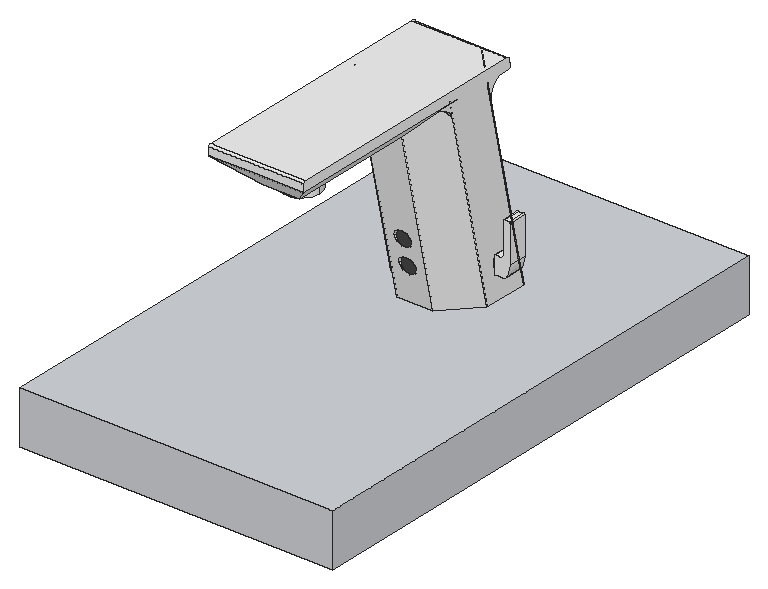
Revit family
Parameters (values of type "Chrome-Polished_Chrome-CP")
  Width = 0' - 2 15/16"
  WFU = 0
  URL = "http://www.us.kohler.com"
  Sensor Material = Sensor Glass
  Product Page URL = "http://www.us.kohler.com/onlinecatalog/detail.jsp?prod_num=7517"
  Product Documentation Link = "http://www.us.kohler.com/onlinecatalog/pdf/1126264_4.pdf"
  Model = "K-7517"  # constant formula
  Manufacturer = "Kohler"  # constant formula
  Length = 0' - 7 3/4"
  Installation = "Single-hole"  # constant formula
  Hot Water Radius = 3/16"
  Hot Water Diameter = 3/8"
  Hot Water Connector = "Hot Water Connector"  # constant formula
  Height = 0' - 5 7/16"
  HWFU = 0
  HW Connection = yes
  Finish = Chrome-Kohler-CP-Polished Chrome
  Description = "GEOMETRIC TOUCHLESS™ DM FAUCET W/MIXER"  # constant formula
  Default Elevation = 0' - 0"
  Created By = "http://medialab3dstudio.com/"
  Cold Water Radius = 3/16"
  Cold Water Diameter = 3/8"
  Cold Water Connector = "Cold Water Connector"  # constant formula
  CWFU = 0
  CW Connection = yes
  Assembly Code = "D2010"
Types (3): name | Finish
  (no name) | Chrome-Kohler-CP-Polished Chrome
  Chrome-Polished_Chrome-CP | Chrome-Kohler-CP-Polished Chrome
  Steel-Vibrant_Stainless-VS | Steel-Kohler-VS-Vibrant Stainless
Reference planes (in)
  plane 1 "Back": y = 0
  plane 2 "Bottom": z = 0
  plane 3 "Center (Left/Right)": x = 0
  plane 4 "Left": x = -1.21875
  plane 5 "Right": x = 1.21875
  plane 6 "Front": y = -7.75
  plane 7: z = 5.4375
  plane 8: y = -6.31997
  plane 9: x = 0
  plane 10: z = 4.43543
  plane 11: z = 5.18966
  plane 12: z = 4.43543
  plane 13: y = -2.86736
  plane 14: z = 5.18966
  plane 15: z = 4.63505
  plane 16: z = 5.15297
  plane 17: through (0, -1.20984, 5.39736) normal (0, -0.9757, -0.2193)
  plane 18: through (0, -1.94709, 5.39736) normal (0, -0.9757, -0.2193)
  plane 19: through (0, -3.1313, 5.39736) normal (0, -0.9757, -0.2193)
  plane 20: y = 0.14795
  plane 21: y = -2.69186
  plane 22: z = -0.75
  plane 23: through (0, -1.23293, 2.22557) normal (0, 0.9758, 0.2187)
  plane 24: y = -0.54791
  plane 25: y = -1.23293
  plane 26: through (0, -1.23293, 2.22557) normal (0, -0.9758, -0.2187)
  plane 27: y = -0.54791
  plane 28: y = -1.23293
  plane 29: y = -1.28314
  plane 30: y = -2.01863
  plane 31: y = -1.9184
  plane 32 "Center (Front/Back)": y = -3.85872
  plane 33: y = -3.62007
  plane 34: y = -2.95134
  plane 35: y = -1.77288
  plane 36: y = -1.33828
  plane 37: through (-1.22, -0.7342, 48) normal (-0.7239, 0.6899, 0)
  plane 38: through (1.22, -0.7342, 48) normal (-0.7239, -0.6899, 0)
  plane 39: through (-0.46452, -180, 4.43543) normal (-0.7071, 0, -0.7071)
  plane 40: through (0.46452, -180, 4.43543) normal (-0.7071, 0, 0.7071)
  plane 41: y = -1.3263
  plane 42: x = -0.13974
  plane 43: x = 0.13974
  plane 44: z = 4.43543
  plane 45: x = -0.46452
  plane 46: z = 5.18966
  plane 47: z = 2.0644
  plane 48: z = 4.27922
  plane 49: y = -5.8542
  plane 50: y = -6.78573
  plane 51: y = -0.57692
  plane 52: y = -0.57692
  plane 53: z = -0.78778
  plane 54: y = 0.22617
  plane 55: x = 0.32724
  plane 56: x = -0.32724
  plane 57: z = 0.23047
  plane 58: z = 5.21593
  plane 59: y = -1.16906
  plane 60: x = 0.46576
  plane 61: x = -0.46576
  plane 62: y = -6.94185
  plane 63: y = -6.32467
  plane 64: x = 1.71875
Forms (in)
  Extrusion 1, solid
    sketch origin (0, 0, 0) x (1, 0, 0) y (0, 1, 0)
      loop
        line (-4, 3) -> (-4, -10.31976) -> (3.99389, -10.31976) -> (3.99389, 3) -> (-4, 3)
    from 0 to -1.35077
  Extrusion 2, solid, material "Chrome-Kohler-CP-Polished Chrome" <- "Finish", detail levels fine
    sketch origin (0, 0, 0) x (0, 1, 0) y (0, 0, 1)
      loop
        line (-0.7342, 0) -> (-1.77288, 4.63505)
        arc (-1.77288, 4.63505) -> (-1.68365, 5.00148) -> (-1.33828, 5.15297) r 0.42536
        line (-1.33828, 5.15297) -> (-1.22005, 5.15297)
        arc (-1.22005, 5.15297) -> (-1.17954, 5.17229) -> (-1.16906, 5.21593) r 0.05212
        line (-1.16906, 5.21593) -> (-1.20984, 5.39736)
        arc (-1.20984, 5.39736) -> (-1.22785, 5.42621) -> (-1.25993, 5.4375) r 0.05141
        line (-1.25993, 5.4375) -> (-7.69863, 5.4375)
        arc (-7.69863, 5.4375) -> (-7.73495, 5.42245) -> (-7.75, 5.38613) r 0.05137
        line (-7.75, 5.38613) -> (-7.75, 5.18966) -> (-3.62007, 5.18966)
        arc (-3.62007, 5.18966) -> (-3.18567, 5.03297) -> (-2.95134, 4.63505) r 0.68046
        line (-2.95134, 4.63505) -> (-1.9184, 0) -> (-0.7342, 0)
    from -1.21875 to 1.21875
  Extrusion 3, solid, material "Chrome-Kohler-CP-Polished Chrome" <- "Finish", detail levels fine
    sketch origin (0, 0, 0.25897) x (1, 0, 0) y (0, 0, 1)
      loop
        line (-1.21875, 4.93069) -> (-0.46452, 4.17646) -> (0, 4.17646) -> (0.46452, 4.17646) -> (1.21875, 4.93069) -> (0, 4.93069) -> (-1.21875, 4.93069)
    from 2.86736 to 7.75
  Extrusion 4, void
    sketch origin (0, 0.74619, 0) x (0, 1, 0) y (0, 0, 1)
      loop
        line (-8.49619, 5.18966) -> (-8.49619, 4.43543) -> (-7.68804, 4.43543) -> (-8.49619, 5.18966)
    from -1.21875 to 1.21875
  Extrusion 5, solid, material "Chrome-Kohler-CP-Polished Chrome" <- "Finish", detail levels fine
    sketch origin (0, -6.09131, -3.8885) x (1, 0, 0) y (0, 0.975149, 0.221549)
      loop
        line (-1.21875, 4.93069) -> (-0.46576, 4.17646) -> (0.46576, 4.17646) -> (1.21875, 4.93069) -> (-1.21875, 4.93069)
    from 2.86736 to 8.30557
  Sweep 6, solid, material "Chrome-Kohler-CP-Polished Chrome" <- "Finish", detail levels fine
    path origin (0, 0, 0) x (0, 1, 0) y (0, 0, 1)
      loop
        line (-0.57692, -0.70182) -> (-1.89716, 5.18966)
    profile origin (0, -1.23704, 2.24392) x (0, -0.975799, -0.218669) y (1, 0, 0)
      loop
        line (0, -1.22) -> (0, 0) -> (-0.70201, 0) -> (-0.70201, -0.53442) -> (0, -1.22)
  Extrusion 7, void
    sketch origin (0, 0, 0) x (0, 1, 0) y (0, 0, 1)
      loop
        line (0.14795, 0) -> (-2.69186, 0) -> (-2.69186, -0.75) -> (0.14795, -0.75) -> (0.14795, 0)
    from -1.21875 to 1.21875
  Extrusion 8, solid, material "Chrome-Kohler-CP-Polished Chrome" <- "Finish", detail levels fine
    sketch origin (0, 0.44273, 0) x (1, 0, 0) y (0, 1, 0)
      loop
        arc (0, -6.29694) -> (-0.32935, -6.43336) -> (-0.46576, -6.7627) r 0.46576
        arc (-0.46576, -6.7627) -> (-0.32935, -7.09205) -> (0, -7.22847) r 0.46576
        arc (0, -7.22847) -> (0.32935, -7.09205) -> (0.46576, -6.7627) r 0.46576
        arc (0.46576, -6.7627) -> (0.32935, -6.43336) -> (0, -6.29694) r 0.46576
    from 4.27922 to 4.43543
  Extrusion 9, void
    sketch origin (0, 0.61402, 0) x (1, 0, 0) y (0, 1, 0)
      loop
        arc (0, -6.57489) -> (-0.25725, -6.68144) -> (-0.3638, -6.93869) r 0.3638
        arc (-0.3638, -6.93869) -> (-0.25725, -7.19594) -> (0, -7.30249) r 0.3638
        arc (0, -7.30249) -> (0.25725, -7.19594) -> (0.3638, -6.93869) r 0.3638
        arc (0.3638, -6.93869) -> (0.25725, -6.68144) -> (0, -6.57489) r 0.3638
    from 4.27922 to 4.43543
  Sweep 10, solid, material "Chrome-Kohler-CP-Polished Chrome" <- "Finish", detail levels fine
    path origin (0, 0, 0) x (0, 1, 0) y (0, 0, -1)
      loop
        line (-0.57692, 0.70182) -> (-1.89716, -5.18966)
    profile origin (0, -1.23704, 2.24392) x (0, 0.975799, 0.218669) y (-1, 0, 0)
      loop
        line (0, -1.22) -> (0.70201, -0.53442) -> (0.70201, 0) -> (0, 0) -> (0, -1.22)
  Extrusion 11, void
    sketch origin (0, 0, 0) x (0, 1, 0) y (0, 0, 1)
      loop
        line (0.22617, 0) -> (-1.9184, 0) -> (-1.9184, -0.78778) -> (0.22617, -0.78778) -> (0.22617, 0)
    from -1.21875 to 1.21875
  Extrusion 12, void
    sketch origin (0, 0, 0) x (1, 0, 0) y (0, 1, 0)
      loop
        arc (0.13974, -1.3263) -> (0.19466, -1.45888) -> (0.32724, -1.5138) r 0.1875
        arc (0.32724, -1.5138) -> (0.45982, -1.45888) -> (0.51474, -1.3263) r 0.1875
        arc (0.51474, -1.3263) -> (0.45982, -1.19372) -> (0.32724, -1.1388) r 0.1875
        arc (0.32724, -1.1388) -> (0.19466, -1.19372) -> (0.13974, -1.3263) r 0.1875
      loop
        arc (-0.51474, -1.3263) -> (-0.45982, -1.45888) -> (-0.32724, -1.5138) r 0.1875
        arc (-0.32724, -1.5138) -> (-0.19466, -1.45888) -> (-0.13974, -1.3263) r 0.1875
        arc (-0.13974, -1.3263) -> (-0.19466, -1.19372) -> (-0.32724, -1.1388) r 0.1875
        arc (-0.32724, -1.1388) -> (-0.45982, -1.19372) -> (-0.51474, -1.3263) r 0.1875
    from 0 to 0.23047
  Extrusion 13, void
    sketch origin (2.35546, 0, -0.08746) x (1, 0, 0) y (0, 0, 1)
      loop
        circle (-2.35546, 1.05621) r 0.21875
    from 2.6121 to 3.18249
  Extrusion 14, void
    sketch origin (2.35546, 0, 0.60004) x (1, 0, 0) y (0, 0, 1)
      loop
        circle (-2.35546, 1.05621) r 0.21875
    from 2.76792 to 3.27513
  Extrusion 15, solid, material "Sensor Glass" <- "Sensor Material", detail levels fine
    sketch origin (2.35546, 0, -0.52093) x (1, 0, 0) y (0, 0, 1)
      loop
        circle (-2.35546, 1.48968) r 0.21875
    from 2.6121 to 2.86197
  Extrusion 16, solid, material "Sensor Glass" <- "Sensor Material", detail levels fine
    sketch origin (2.35546, 0, 0.16657) x (1, 0, 0) y (0, 0, 1)
      loop
        circle (-2.35546, 1.48968) r 0.21875
    from 2.76792 to 3.0178
  Extrusion 17, solid, material "Chrome-Kohler-CP-Polished Chrome" <- "Finish", detail levels coarse+medium
    sketch origin (0, 0, 0) x (1, 0, 0) y (0, 1, 0)
      loop
        line (-1.21875, 0) -> (-1.21875, -7.75) -> (1.71875, -7.75) -> (1.71875, 0) -> (-1.21875, 0)
    from 0 to 5.4375
Cuts and joins
  Extrusion 4 cuts Extrusion 3
  Extrusion 9 cuts Extrusion 8
  Extrusion 7, Extrusion 12 cuts Extrusion 2
  Extrusion 11 cuts Sweep 6
  Extrusion 11 cuts Sweep 10
  joined: Sweep 6, Sweep 10
  Extrusion 7, Extrusion 13, Extrusion 14 cuts Extrusion 5
Lines and regions (in)
  Masking region 1, detail levels coarse
    outline origin (0, 0, 0) x (1, 0, 0) y (0, 0, 1)
      loop
        line (-1.21875, 5.4375) -> (-1.21875, 0) -> (1.21875, 0) -> (1.21875, 5.4375) -> (-1.21875, 5.4375)
  Masking region 2, detail levels medium+fine
    outline origin (0, -3.85872, 0) x (1, 0, 0) y (0, 0, 1)
      loop
        line (-1.21875, 5.4375) -> (-1.21875, 0) -> (1.21875, 0) -> (1.21875, 5.4375) -> (-1.21875, 5.4375)
  Masking region 3, detail levels coarse
    outline origin (0, 0, 0) x (1, 0, 0) y (0, 1, 0)
      loop
        line (-1.21875, 0) -> (-1.21875, -7.75) -> (1.21875, -7.75) -> (1.21875, 0) -> (-1.21875, 0)
  Masking region 4, detail levels medium+fine
    outline origin (0, 0, 0) x (1, 0, 0) y (0, 1, 0)
      loop
        line (-0.52034, 0) -> (-1.21875, -0.73289) -> (-1.21875, -7.75) -> (1.21875, -7.75) -> (1.21875, -0.73289) -> (0.52034, 0) -> (-0.52034, 0)
  Masking region 5, detail levels coarse
    outline origin (0, 0, 0) x (0, 1, 0) y (0, 0, 1)
      loop
        line (0, 5.4375) -> (-7.75, 5.4375) -> (-7.75, 0) -> (0, 0) -> (0, 5.4375)
  Masking region 6, detail levels medium+fine
    outline origin (0, 0, 0) x (0, 1, 0) y (0, 0, 1)
      loop
        line (-0.01477, 0) -> (-1.17523, 5.17848)
        arc (-1.17523, 5.17848) -> (-1.16862, 5.19662) -> (-1.16906, 5.21593) r 0.05212
        line (-1.16906, 5.21593) -> (-1.20984, 5.39736)
        arc (-1.20984, 5.39736) -> (-1.22785, 5.42621) -> (-1.25993, 5.4375) r 0.05141
        line (-1.25993, 5.4375) -> (-7.69863, 5.4375)
        arc (-7.69863, 5.4375) -> (-7.73495, 5.42245) -> (-7.75, 5.38613) r 0.05137
        line (-7.75, 5.38613) -> (-7.75, 5.1882) -> (-6.94185, 4.43543) -> (-6.78573, 4.43543) -> (-6.78573, 4.27922) -> (-5.85501, 4.27922) -> (-5.85501, 4.43543) -> (-3.69956, 4.43543) -> (-2.69186, 0) -> (-0.01477, 0)
  symbolic lines, style "Masking Lines", detail levels medium+fine
    curve 1: line (-1.21875, -7.75, 5.18966) -> (-0.46452, -7.75, 4.43543)
    curve 2: line (-0.46452, -7.75, 4.43543) -> (0.46701, -7.75, 4.43543)
    curve 3: line (0.46701, -7.75, 4.43543) -> (1.22, -7.75, 5.18966)
    curve 4: line (1.22, -7.75, 5.18966) -> (-1.21875, -7.75, 5.18966)
    curve 18: line (1.21875, 0, 5.18966) -> (-1.21875, 0, 5.18966)
  symbolic lines, style "Masking Lines", detail levels fine
    curve 5: line (-0.36255, -7.75, 4.43543) -> (-0.36255, -7.75, 4.27922)
    curve 6: line (-0.36255, -7.75, 4.27922) -> (0.36505, -7.75, 4.27922)
    curve 7: line (0.36505, -7.75, 4.27922) -> (0.36505, -7.75, 4.43543)
    curve 8: line (-0.46452, -7.75, 4.43543) -> (-0.46452, -7.75, 0)
    curve 9: line (0.46701, -7.75, 0) -> (0.46701, -7.75, 4.43543)
    curve 10: arc (0, -1.21847, 5.15297) -> (0, -1.19269, 5.1598) -> (0, -1.17366, 5.17848) r 0.05212
    curve 11: line (0, -1.33671, 5.15297) -> (0, -1.21847, 5.15297)
    curve 12: arc (0, -1.7713, 4.63505) -> (0, -1.68208, 5.00148) -> (0, -1.33671, 5.15297) r 0.42536
    curve 13: line (0, -0.73263, 0) -> (0, -1.7713, 4.63505)
    curve 14: line (0, -2.94137, 4.57192) -> (0, -1.91683, 0)
    curve 15: arc (0, -3.61849, 5.18966) -> (0, -3.16021, 5.01202) -> (0, -2.94137, 4.57192) r 0.67998
    curve 16: line (0, -3.61849, 5.18966) -> (0, -7.75, 5.18966)
    curve 17: line (0, -5.8542, 4.43543) -> (0, -6.78573, 4.43543)
    curve 19: line (0.53442, -1.16906, 0) -> (1.21875, -1.16906, 0)
    curve 20: line (-0.53442, -0.01477, 0) -> (-0.53442, -1.16906, 0)
    curve 21: line (0.53442, -1.16906, 0) -> (0.53442, -0.01477, 0)
    curve 22: line (-0.53442, -1.16906, 0) -> (0.53442, -1.16906, 0)
    curve 23: line (-1.21875, -1.16906, 0) -> (-0.53442, -1.16906, 0)
    curve 24: arc (0.21875, -7.75, 1.65625) -> (0, -7.75, 1.875) -> (-0.21875, -7.75, 1.65625) r 0.21875
    curve 25: arc (-0.21875, -7.75, 1.65625) -> (0, -7.75, 1.4375) -> (0.21875, -7.75, 1.65625) r 0.21875
    curve 26: arc (0.21875, -7.75, 0.96875) -> (0, -7.75, 1.1875) -> (-0.21875, -7.75, 0.96875) r 0.21875
    curve 27: arc (-0.21875, -7.75, 0.96875) -> (0, -7.75, 0.75) -> (0.21875, -7.75, 0.96875) r 0.21875
Dimensions and locks (in)
  equal spacing: plane 4 "Left", plane 3 "Center (Left/Right)", plane 5 "Right"
  "Height": plane 7 to plane 2 "Bottom"
  locked: plane 8 to plane 6 "Front" at 1.43003
  locked: plane 1 "Back" to plane 13 at 2.86736
  locked: plane 18 to plane 17 at 0.71931
  locked: plane 19 to plane 18 at 1.15539
  locked: plane 7 to plane 16 at 0.28453
  locked: plane 16 to plane 14 at 0.03669
  locked: plane 15 to plane 16 at 0.51793
  locked: plane 13 to plane 30 at 0.84873
  locked: plane 29 to plane 1 "Back" at 1.28314
  plane 13 to plane 31 = 0' - 0.94896"
  plane 32 "Center (Front/Back)" to plane 13 = 0' - 0.99136"
  locked: plane 33 to plane 32 "Center (Front/Back)" at 0.23866
  locked: plane 34 to plane 33 at 0.66873
  locked: plane 35 to plane 31 at 0.14553
  locked: plane 36 to plane 35 at 0.43459
  "Length": plane 1 "Back" to plane 6 "Front"
  locked: plane 41 to plane 1 "Back" at 1.3263
  plane 42 to plane 3 "Center (Left/Right)" = 0' - 0.13974"
  plane 3 "Center (Left/Right)" to plane 43 = 0' - 0.13974"
  level to Masking region 2 = 0' - 5 7/16"
  locked: plane 47 to plane 2 "Bottom" at 2.0644
  locked: plane 48 to plane 2 "Bottom" at 4.27922
  plane 50 to plane 6 "Front" = 0' - 0.96427"
  locked: plane 49 to plane 6 "Front" at 1.8958
  locked: plane 1 "Back" to plane 51 at 0.57692
  locked: plane 1 "Back" to plane 52 at 0.57692
  locked: plane 54 to plane 1 "Back" at 0.22617
  locked: plane 2 "Bottom" to plane 53 at 0.78778
  plane 4 "Left" to plane 61 to plane 60 = 0' - 0.75299" locked, 0' - 0.93153" locked
  locked: plane 62 to plane 6 "Front" at 0.80815
  equal spacing: plane 5 "Right", plane 3 "Center (Left/Right)", plane 4 "Left"
  "Width": plane 4 "Left" to plane 64
  "Cold Water Radius": radius of Extrusion 12 sketch curve
  "Hot Water Radius": radius of Extrusion 12 sketch curve
  locked: plane 23 to plane 1 "Back" (angle 12.6309°)
  locked: plane 37 to plane 4 "Left" (angle 43.6201°)
  locked: plane 5 "Right" to plane 38 (angle 43.6201°)
  aligned and locked: plane 2 "Bottom" to Extrusion 1
  aligned and locked: level to Extrusion 1
  aligned and locked: Extrusion 2 to plane 4 "Left"
  aligned and locked: Extrusion 2 to plane 5 "Right"
  aligned and locked: Extrusion 7 to plane 4 "Left"
  aligned and locked: Extrusion 7 to plane 5 "Right"
  aligned and locked: Masking region 1 sketch curve to plane 7
  aligned and locked: plane 2 "Bottom" to Masking region 1 sketch curve
  aligned and locked: plane 4 "Left" to Masking region 1 sketch curve
  aligned and locked: plane 1 "Back" to Masking region 3 sketch curve
  aligned and locked: plane 6 "Front" to Masking region 3 sketch curve
  aligned and locked: plane 4 "Left" to Masking region 3 sketch curve
  aligned and locked: Masking region 5 sketch curve to plane 7
  aligned and locked: plane 6 "Front" to Masking region 5 sketch curve
  aligned and locked: plane 2 "Bottom" to Masking region 5 sketch curve
  aligned and locked: plane 1 "Back" to Masking region 5 sketch curve
  aligned and locked: plane 3 "Center (Left/Right)" to plane 9
  aligned and locked: plane 9 to Extrusion 8 sketch curve  (x2)
  aligned and locked: plane 8 to Extrusion 8 sketch curve  (x2)
  aligned and locked: Extrusion 4 sketch curve to plane 10
  aligned and locked: Extrusion 4 to plane 5 "Right"
  aligned and locked: Extrusion 4 to plane 4 "Left"
  aligned and locked: Extrusion 2 sketch curve to plane 7
  aligned and locked: plane 7 to Extrusion 2 sketch curve
  aligned and locked: plane 2 "Bottom" to Extrusion 2 sketch curve
  aligned and locked: Extrusion 2 sketch curve to plane 14
  aligned and locked: plane 14 to Extrusion 2 sketch curve
  aligned and locked: Extrusion 2 sketch curve to plane 16
  aligned and locked: Extrusion 7 sketch curve to level
  aligned and locked: plane 21 to Extrusion 7 sketch curve
  aligned and locked: Extrusion 7 sketch curve to plane 22
  aligned and locked: Extrusion 7 sketch curve to plane 20
  aligned and locked: Sweep 6 sketch curve to plane 23
  aligned: plane 24 to Sweep 6 sketch curve
  aligned: plane 25 to Sweep 6 sketch curve
  aligned: Sweep 6 sketch curve to plane 3 "Center (Left/Right)"
  aligned and locked: Sweep 10 sketch curve to plane 26
  aligned and locked: plane 29 to Extrusion 5 sketch curve  (x3)
  aligned and locked: plane 30 to Extrusion 5 sketch curve  (x3)
  aligned and locked: plane 15 to Extrusion 2 sketch curve  (x2)
  aligned and locked: plane 16 to Extrusion 2 sketch curve
  aligned and locked: plane 17 to Extrusion 2 sketch curve  (x2)
  aligned and locked: plane 6 "Front" to Extrusion 2 sketch curve
  aligned and locked: plane 33 to Extrusion 2 sketch curve
  aligned and locked: plane 34 to Extrusion 2 sketch curve
  aligned and locked: plane 35 to Extrusion 2 sketch curve
  aligned and locked: plane 36 to Extrusion 2 sketch curve
  aligned and locked: plane 5 "Right" to Masking region 2 sketch curve
  aligned and locked: Masking region 2 sketch curve to plane 7
  aligned and locked: Masking region 2 sketch curve to plane 4 "Left"
  aligned and locked: level to Masking region 2 sketch curve
  aligned and locked: plane 5 "Right" to Masking region 1 sketch curve
  aligned and locked: plane 5 "Right" to Masking region 3 sketch curve
  aligned and locked: plane 5 "Right" to Masking region 4 sketch curve
  aligned and locked: plane 6 "Front" to Masking region 4 sketch curve
  aligned and locked: plane 4 "Left" to Masking region 4 sketch curve
  aligned and locked: Masking region 4 sketch curve to plane 1 "Back"
  aligned and locked: plane 37 to Masking region 4 sketch curve
  aligned and locked: plane 38 to Masking region 4 sketch curve
  aligned and locked: plane 11 to Extrusion 3 sketch curve  (x2)
  aligned and locked: Extrusion 3 sketch curve to plane 39
  aligned and locked: plane 40 to Extrusion 3 sketch curve
  aligned and locked: curve 4 to curve 18
  aligned and locked: cut or joined group of Extrusion 3, Extrusion 4 to plane 44
  aligned and locked: plane 45 to curve 8
  aligned and locked: curve 2 to plane 44
  aligned and locked: plane 5 "Right" to curve 18
  aligned and locked: plane 4 "Left" to curve 18
  aligned and locked: plane 47 to nested 1
  aligned and locked: curve 16 to plane 46
  aligned and locked: plane 6 "Front" to curve 16
  aligned and locked: cut or joined group of Extrusion 3, Extrusion 4 to plane 13
  aligned and locked: cut or joined group of Extrusion 3, Extrusion 4 to plane 6 "Front"
  aligned and locked: Extrusion 9 to plane 48
  aligned and locked: plane 44 to Extrusion 9
  aligned and locked: curve 17 to plane 44
  aligned and locked: plane 49 to curve 17
  aligned and locked: plane 50 to curve 17
  aligned and locked: plane 46 to Sweep 6 sketch curve
  aligned and locked: plane 51 to Sweep 6 sketch curve
  aligned and locked: plane 46 to Sweep 10 sketch curve
  aligned and locked: plane 52 to Sweep 10 sketch curve
  aligned and locked: plane 31 to Extrusion 11 sketch curve
  aligned and locked: Extrusion 11 sketch curve to plane 53
  aligned and locked: Extrusion 11 sketch curve to plane 54
  aligned and locked: Extrusion 11 to plane 4 "Left"
  aligned and locked: Extrusion 11 to plane 5 "Right"
  aligned and locked: plane 41 to Extrusion 12 sketch curve  (x4)
  aligned and locked: plane 55 to Extrusion 12 sketch curve  (x2)
  aligned and locked: plane 56 to Extrusion 12 sketch curve  (x2)
  aligned and locked: plane 57 to Extrusion 12
  aligned and locked: plane 58 to Extrusion 2 sketch curve
  aligned and locked: plane 59 to Masking region 6
  aligned and locked: plane 3 "Center (Left/Right)" to Sweep 6
  aligned and locked: plane 4 "Left" to Extrusion 5 sketch curve
  aligned and locked: plane 5 "Right" to Extrusion 5 sketch curve
  aligned and locked: plane 61 to Extrusion 5 sketch curve
  aligned and locked: plane 60 to Extrusion 5 sketch curve
  aligned and locked: plane 3 "Center (Left/Right)" to Extrusion 3 sketch curve  (x2)
  aligned and locked: Extrusion 3 sketch curve to plane 12
  aligned and locked: plane 10 to Extrusion 4 sketch curve
  aligned and locked: plane 62 to Extrusion 4 sketch curve
  aligned and locked: plane 6 "Front" to Extrusion 4 sketch curve
  aligned and locked: plane 46 to Extrusion 4 sketch curve
  aligned and locked: plane 3 "Center (Left/Right)" to Extrusion 9 sketch curve  (x2)
  aligned and locked: plane 63 to Extrusion 9 sketch curve  (x2)
  aligned and locked: plane 44 to cut or joined group of Extrusion 8, Extrusion 9
  aligned and locked: cut or joined group of Extrusion 8, Extrusion 9 to plane 48
  aligned and locked: plane 2 "Bottom" to Extrusion 11
Automatic sketch dimensions
  Sweep 6 sketch curve to plane 3 "Center (Left/Right)" = 0' - 0"
  Sweep 6 sketch curve to profile plane = 0' - 0"
  profile plane to Sweep 6 sketch curve = 0' - 0.70201"
  Sweep 6 sketch curve to plane 3 "Center (Left/Right)" = 0' - 0.53442"
  Sweep 6 sketch curve to Sweep 6 sketch curve = 0' - 0.68558"
  Extrusion 5 sketch curve to plane 4 "Left" = 0' - 0"
  Extrusion 5 sketch curve to plane 5 "Right" = 0' - 0"
  Extrusion 5 sketch curve to plane 3 "Center (Left/Right)" = 0' - 0.46576"
  plane 3 "Center (Left/Right)" to Extrusion 5 sketch curve = 0' - 0.46576"
  Extrusion 5 sketch curve to Extrusion 5 sketch curve = 0' - 0.75423"
  curve 23 to plane 4 "Left" = 0' - 0"
  curve 19 to plane 5 "Right" = 0' - 0"
  plane 1 "Back" to curve 20 = 0' - 0.01477"
  plane 45 to curve 20 = 0' - 0.0699"
  plane 1 "Back" to curve 21 = 0' - 0.01477"
  curve 21 to plane 43 = 0' - 0.39468"
  curve 22 to plane 41 = 0' - 0.15724"
  curve 16 to plane 6 "Front" = 0' - 0"
  curve 16 to plane 46 = 0' - 0"
  curve 14 to level = 0' - 0"
  curve 13 to level = 0' - 0"
  curve 16 to plane 32 "Center (Front/Back)" = 0' - 0.24023"
  plane 13 to curve 15 = 0' - 0.074"
  curve 14 to plane 31 = 0' - 0.00157"
  curve 13 to plane 31 = 0' - 0.1471"
  plane 41 to curve 12 = 0' - 0.02994"
  plane 41 to curve 12 = 0' - 0.01041"
  curve 11 to plane 46 = 0' - 0.03669"
  curve 11 to plane 41 = 0' - 0.10783"
  curve 10 to plane 46 = 0' - 0.01118"
  curve 10 to curve 10 = 0' - 0.04482"
  curve 13 to plane 41 = 0' - 0.59368"
  curve 15 to curve 15 = 0' - 0.67998"
  plane 44 to curve 13 = 0' - 0.19962"
  Extrusion 1 sketch curve to Extrusion 1 sketch curve = 0' - 7.99389"
  Extrusion 1 sketch curve to Extrusion 1 sketch curve = 1' - 1.31976"
  plane 19 to Extrusion 2 sketch curve = 0' - 0"
  plane 18 to Extrusion 2 sketch curve = 0' - 0"
  plane 6 "Front" to Extrusion 2 sketch curve = 0' - 0.05137"
  Extrusion 2 sketch curve to plane 36 = 0' - 0 5/256"
  Extrusion 2 sketch curve to plane 7 = 0' - 0.05141"
  Extrusion 2 sketch curve to Extrusion 2 sketch curve = 0' - 0.09093"
  plane 58 to Extrusion 2 sketch curve = 0' - 0.01084"
  Extrusion 2 sketch curve to plane 7 = 0' - 0.04014"
  plane 50 to Extrusion 8 sketch curve = 0' - 0"
  Extrusion 9 sketch curve to plane 45 = 0' - 0.10071"
  Masking region 6 sketch curve to plane 6 "Front" = 0' - 0"
  Masking region 6 sketch curve to plane 7 = 0' - 0"
  Masking region 6 sketch curve to plane 44 = 0' - 0"  (x2)
  Masking region 6 sketch curve to plane 50 = 0' - 0"
  Masking region 6 sketch curve to plane 48 = 0' - 0"
  Masking region 6 sketch curve to level = 0' - 0"
  plane 6 "Front" to Masking region 6 sketch curve = 0' - 0.05137"
  plane 50 to Masking region 6 sketch curve = 0' - 0.15612"
  plane 49 to Masking region 6 sketch curve = 0' - 0.00081"
  Masking region 6 sketch curve to plane 32 "Center (Front/Back)" = 0' - 0.15916"
  Masking region 6 sketch curve to plane 13 = 0' - 0.1755"
  Masking region 6 sketch curve to plane 41 = 0' - 0.06631"
  Masking region 6 sketch curve to Masking region 6 sketch curve = 0' - 0.00007"
  plane 46 to Masking region 6 sketch curve = 0' - 0.01543"
  Masking region 6 sketch curve to plane 41 = 0' - 0.10625"
  Masking region 6 sketch curve to plane 7 = 0' - 0.04014"
  Masking region 6 sketch curve to Masking region 6 sketch curve = 0' - 0.05016"
  Masking region 6 sketch curve to plane 46 = 0' - 0.01118"
  Masking region 6 sketch curve to Masking region 6 sketch curve = 0' - 0.04482"
  plane 46 to Masking region 6 sketch curve = 0' - 0.02627"
  plane 1 "Back" to Masking region 6 sketch curve = 0' - 0.01477"
  Masking region 6 sketch curve to plane 46 = 0' - 0.00146"
  profile plane to Sweep 10 sketch curve = 0' - 0"
  Sweep 10 sketch curve to profile plane = 0' - 0"
  Sweep 10 sketch curve to profile plane = 0' - 0.70201"
  Sweep 10 sketch curve to profile plane = 0' - 0.53442"
  Sweep 10 sketch curve to Sweep 10 sketch curve = 0' - 0.68558"
  curve 3 to plane 46 = 0' - 0"
  curve 2 to plane 44 = 0' - 0"
  curve 9 to level = 0' - 0"
  curve 7 to plane 48 = 0' - 0"
  plane 45 to curve 2 = 0' - 0"
  curve 1 to plane 4 "Left" = 0' - 0"
  curve 8 to level = 0' - 0"
  curve 5 to plane 45 = 0' - 0.10196"
  curve 7 to plane 43 = 0' - 0.22531"
  curve 9 to plane 43 = 0' - 0.32727"
  curve 4 to plane 5 "Right" = 0' - 0.00125"
  Extrusion 11 sketch curve to level = 0' - 0"
  Extrusion 13 sketch curve to plane 3 "Center (Left/Right)" = 0' - 0"
  Extrusion 14 sketch curve to plane 3 "Center (Left/Right)" = 0' - 0"
  Extrusion 15 sketch curve to plane 3 "Center (Left/Right)" = 0' - 0"
  Extrusion 16 sketch curve to plane 3 "Center (Left/Right)" = 0' - 0"
  Extrusion 14 sketch curve to plane 47 = 0' - 0.40815"
  Extrusion 16 sketch curve to plane 47 = 0' - 0.40815"
  plane 57 to Extrusion 13 sketch curve = 0' - 0 189/256"
  plane 57 to Extrusion 15 sketch curve = 0' - 0 189/256"
  curve 24 to plane 3 "Center (Left/Right)" = 0' - 0"
  curve 25 to plane 43 = 0' - 0.07901"
  curve 24 to plane 47 = 0' - 0.40815"
  curve 27 to plane 3 "Center (Left/Right)" = 0' - 0"
  curve 27 to plane 43 = 0' - 0.07901"
  curve 26 to curve 25 = 0' - 0 11/16"
  Extrusion 17 sketch curve to plane 4 "Left" = 0' - 0"
  Extrusion 17 sketch curve to plane 6 "Front" = 0' - 0"
  Extrusion 17 sketch curve to plane 64 = 0' - 0"
  plane 1 "Back" to Extrusion 17 sketch curve = 0' - 0"
  radius of Extrusion 13 sketch curve = 0' - 0 7/32"
  radius of Extrusion 14 sketch curve = 0' - 0 7/32"
  radius of Extrusion 15 sketch curve = 0' - 0 7/32"
  radius of Extrusion 16 sketch curve = 0' - 0 7/32"
Nested families (in)
  nested 1: "Mixer_Handle" at (1.30636, -1.3263, 0.72069), type "Mixer_Handle", detail levels fine
Connectors (in)
  piping at (0.32724, -1.3263, 0), driven by "CW Connection", driven by "Cold Water Connector", driven by "CWFU", driven by "Cold Water Radius"
    settings: on cut or joined group of Extrusion 2, Extrusion 7, Extrusion 12, index 1, connector radius 3/16", flow factor 0, pipe flow 0.0 GPM, pressure drop 0.00 psi, fitting loss kfactor 0, connector angle 0.00°, fixture units 0, flow configuration 3, flow direction 1, fitting loss method 0, system type 20, connector reference index -1, connector utility 1, adjustable connector no, is connector primary yes, fitting loss table "", connector description "Cold Water Connector"
  piping at (-0.32724, -1.3263, 0), driven by "HW Connection", driven by "Hot Water Connector", driven by "HWFU", driven by "Hot Water Radius"
    settings: on cut or joined group of Extrusion 2, Extrusion 7, Extrusion 12, index 2, connector radius 3/16", flow factor 0, pipe flow 0.0 GPM, pressure drop 0.00 psi, fitting loss kfactor 0, connector angle 0.00°, fixture units 0, flow configuration 3, flow direction 1, fitting loss method 0, system type 19, connector reference index -1, connector utility 1, adjustable connector no, is connector primary no, fitting loss table "", connector description "Hot Water Connector"
Definition of nested family "Mixer_Handle"
  Parameters (values of type "Mixer_Handle")
    Finish = none
    Assembly Code = ""
  Reference planes (in)
    plane 1 "Back": y = 0
    plane 2 "Bottom": z = 0
    plane 3 "Center (Left/Right)": x = 0
    plane 4 "Left": x = -0.08761
    plane 5 "Right": x = 0.41292
    plane 6 "Front": y = -0.44772
    plane 7 "Top": z = 1.34371
    plane 8: z = 0.05189
    plane 9: z = 0.39676
    plane 10: z = 0.49781
    plane 11: z = 0.021
    plane 12: z = 0.42756
    plane 13: x = 0.02683
    plane 14: z = 0.44937
    plane 15: x = 0.11407
    plane 16: z = 0.07558
    plane 17: x = 0.29213
    plane 18: z = 0.36191
    plane 19: z = 1.31682
    plane 20: x = 0.26089
    plane 21: x = 0.38603
    plane 22: z = 0.49781
    plane 23: z = 0.46248
    plane 24: x = 0.1541
    plane 25: y = -0.05224
    plane 26: y = -0.3971
    plane 27: y = -0.3971
    plane 28: y = -0.05224
    plane 29: x = 0.17893
    plane 30: y = -0.22467
    plane 31: z = 0.22432
    plane 32: x = 0.17893
  Forms (in)
    Extrusion 1, solid, material <- "Finish", detail levels medium+fine
      sketch origin (0, 0, 0) x (1, 0, 0) y (0, 0, 1)
        loop
          arc (0, 0.02639) -> (0.00773, 0.00773) -> (0.02639, 0) r 0.02639
          line (0.02639, 0) -> (0.16876, 0)
          arc (0.16876, 0) -> (0.26676, 0.01666) -> (0.34682, 0.07558) r 0.21523
          arc (0.34682, 0.07558) -> (0.39618, 0.21498) -> (0.41292, 0.36191) r 0.65317
          line (0.41292, 0.36191) -> (0.41292, 1.31682)
          arc (0.41292, 1.31682) -> (0.40505, 1.33583) -> (0.38603, 1.34371) r 0.02689
          line (0.38603, 1.34371) -> (0.26089, 1.34371)
          arc (0.26089, 1.34371) -> (0.24161, 1.33572) -> (0.23362, 1.31644) r 0.02727
          line (0.23362, 1.31644) -> (0.23362, 0.49781)
          arc (0.23362, 0.49781) -> (0.23003, 0.47797) -> (0.21714, 0.46248) r 0.03959
          arc (0.21714, 0.46248) -> (0.18709, 0.44879) -> (0.1541, 0.44737) r 0.08641
          arc (0.1541, 0.44737) -> (0.09044, 0.44672) -> (0.02683, 0.44937) r 1.22708
          arc (0.02683, 0.44937) -> (0.00786, 0.44151) -> (0, 0.42254) r 0.02683
          line (0, 0.42254) -> (0, 0.02639)
      from 0 to 0.44772
    Extrusion 2, solid, material <- "Finish", detail levels medium+fine
      sketch origin (0, -0.22467, 0) x (0, 1, 0) y (0, 0, 1)
        loop
          arc (0.17243, 0.22432) -> (0.12193, 0.34625) -> (0, 0.39676) r 0.17243
          arc (0, 0.39676) -> (-0.12193, 0.34625) -> (-0.17243, 0.22432) r 0.17243
          arc (-0.17243, 0.22432) -> (-0.12193, 0.1024) -> (0, 0.05189) r 0.17243
          arc (0, 0.05189) -> (0.12193, 0.1024) -> (0.17243, 0.22432) r 0.17243
      from -0.08761 to 0
  Cuts and joins
    joined: Extrusion 1, Extrusion 2
  Lines and regions (in)
    Masking region 1, detail levels coarse
      outline origin (0, -0.44772, 0) x (-1, 0, 0) y (0, 0, 1)
        loop
          line (0.08761, 1.34371) -> (-0.41292, 1.34371) -> (-0.41292, 0) -> (0.08761, 0) -> (0.08761, 1.34371)
    Masking region 2, detail levels medium
      outline origin (0, -0.44772, 0) x (-1, 0, 0) y (0, 0, 1)
        loop
          line (0.08761, 0.05189) -> (0.08761, 0.39676) -> (0, 0.39676) -> (0, 0.49781) -> (-0.23362, 0.49781) -> (-0.23362, 1.34371) -> (-0.41292, 1.34371) -> (-0.41292, 0) -> (0, 0) -> (0, 0.05189) -> (0.08761, 0.05189)
    Masking region 3, detail levels fine
      outline origin (0, -0.44772, 0) x (-1, 0, 0) y (0, 0, 1)
        loop
          line (0.08761, 0.05189) -> (0.08761, 0.39676) -> (0, 0.39676) -> (0, 0.42756)
          arc (0, 0.42756) -> (-0.00923, 0.44361) -> (-0.02683, 0.44937) r 0.02583
          arc (-0.02683, 0.44937) -> (-0.09044, 0.44672) -> (-0.1541, 0.44737) r 1.22708
          arc (-0.1541, 0.44737) -> (-0.18709, 0.44879) -> (-0.21714, 0.46248) r 0.08641
          arc (-0.21714, 0.46248) -> (-0.23003, 0.47797) -> (-0.23362, 0.49781) r 0.03959
          line (-0.23362, 0.49781) -> (-0.23362, 1.31644)
          arc (-0.23362, 1.31644) -> (-0.24161, 1.33572) -> (-0.26089, 1.34371) r 0.02727
          line (-0.26089, 1.34371) -> (-0.38603, 1.34371)
          arc (-0.38603, 1.34371) -> (-0.40505, 1.33583) -> (-0.41292, 1.31682) r 0.02689
          line (-0.41292, 1.31682) -> (-0.41292, 0.36191)
          arc (-0.41292, 0.36191) -> (-0.39618, 0.21498) -> (-0.34682, 0.07558) r 0.65317
          arc (-0.34682, 0.07558) -> (-0.26676, 0.01666) -> (-0.16876, 0) r 0.21523
          line (-0.16876, 0) -> (-0.02639, 0)
          arc (-0.02639, 0) -> (-0.00953, 0.00589) -> (0, 0.021) r 0.02708
          line (0, 0.021) -> (0, 0.05189) -> (0.08761, 0.05189)
    Masking region 4, detail levels coarse
      outline origin (0, 0, 0) x (1, 0, 0) y (0, 1, 0)
        loop
          line (-0.08761, 0) -> (-0.08761, -0.44772) -> (0.41292, -0.44772) -> (0.41292, 0) -> (-0.08761, 0)
    Masking region 5, detail levels medium+fine
      outline origin (0, 0, 0) x (1, 0, 0) y (0, 1, 0)
        loop
          line (-0.08761, -0.05224) -> (-0.08761, -0.3971) -> (0, -0.3971) -> (0, -0.44772) -> (0.41292, -0.44772) -> (0.41292, 0) -> (0, 0) -> (0, -0.05224) -> (-0.08761, -0.05224)
    Masking region 6, detail levels fine
      outline origin (0.41292, 0, 0) x (0, 1, 0) y (0, 0, 1)
        loop
          line (0, 1.34371) -> (-0.44772, 1.34371) -> (-0.44772, 0) -> (0, 0) -> (0, 1.34371)
    symbolic lines, style "Masking Lines", detail levels fine
      curve 1: line (0, -0.05224, 0) -> (0, -0.3971, 0)
    model lines, style "Masking Lines", detail levels fine
      curve 2: line (0, -0.44772, 0.39676) -> (0, -0.44772, 0.05189)
  Dimensions and locks (in)
    locked: plane 8 to plane 2 "Bottom" at 0.05189
    locked: plane 9 to plane 8 at 0.34486
    locked: plane 10 to plane 9 at 0.10106
    locked: plane 26 to plane 6 "Front" at 0.05062
    locked: plane 26 to plane 25 at 0.34486
    locked: plane 25 to plane 1 "Back" at 0.05224
    plane 4 "Left" to plane 3 "Center (Left/Right)" to plane 5 "Right" = 0' - 0.08761" locked, 0' - 0.41292"
    plane 1 "Back" to plane 28 to plane 27 to plane 6 "Front" = 0' - 0.05224" locked, 0' - 0.34486" locked, 0' - 0.05062" locked
    locked: plane 29 to plane 4 "Left" at 0.26654
    locked: plane 7 "Top" to plane 2 "Bottom" at 1.34371
    locked: plane 31 to plane 2 "Bottom" at 0.22432
    locked: cut or joined group of Extrusion 1, Extrusion 2 to plane 30 at 0.22467
    aligned and locked: plane 2 "Bottom" to level
    aligned and locked: Extrusion 1 to plane 6 "Front"
    aligned and locked: Extrusion 1 to plane 1 "Back"
    aligned and locked: Extrusion 2 to plane 4 "Left"
    aligned and locked: plane 3 "Center (Left/Right)" to Extrusion 2
    aligned and locked: Masking region 1 sketch curve to plane 7 "Top"
    aligned and locked: Masking region 1 sketch curve to plane 5 "Right"
    aligned and locked: plane 2 "Bottom" to Masking region 1 sketch curve
    aligned and locked: plane 4 "Left" to Masking region 1 sketch curve
    aligned and locked: plane 19 to cut or joined group of Extrusion 1, Extrusion 2
    aligned and locked: plane 20 to cut or joined group of Extrusion 1, Extrusion 2
    aligned and locked: plane 21 to cut or joined group of Extrusion 1, Extrusion 2
    aligned and locked: plane 22 to cut or joined group of Extrusion 1, Extrusion 2
    aligned and locked: plane 23 to cut or joined group of Extrusion 1, Extrusion 2
    aligned and locked: plane 24 to cut or joined group of Extrusion 1, Extrusion 2
    aligned and locked: plane 1 "Back" to Masking region 4 sketch curve
    aligned and locked: Masking region 4 sketch curve to plane 5 "Right"
    aligned and locked: plane 6 "Front" to Masking region 4 sketch curve
    aligned and locked: plane 4 "Left" to Masking region 4 sketch curve
    aligned and locked: plane 4 "Left" to Masking region 5 sketch curve
    aligned and locked: plane 1 "Back" to Masking region 5 sketch curve
    aligned and locked: plane 3 "Center (Left/Right)" to Masking region 5 sketch curve  (x2)
    aligned and locked: Masking region 5 sketch curve to plane 5 "Right"
    aligned and locked: plane 6 "Front" to Masking region 5 sketch curve
    aligned and locked: plane 25 to Masking region 5 sketch curve
    aligned and locked: plane 26 to Masking region 5 sketch curve
    aligned and locked: cut or joined group of Extrusion 1, Extrusion 2 to plane 3 "Center (Left/Right)"
    aligned and locked: Masking region 6 sketch curve to plane 7 "Top"
    aligned and locked: plane 6 "Front" to Masking region 6 sketch curve
    aligned and locked: plane 2 "Bottom" to Masking region 6 sketch curve
    aligned and locked: plane 1 "Back" to Masking region 6 sketch curve
    aligned and locked: curve 1 to plane 3 "Center (Left/Right)"
    aligned and locked: plane 28 to curve 1
    aligned and locked: plane 27 to curve 1
    aligned and locked: plane 30 to Extrusion 2 sketch curve  (x2)
    aligned and locked: plane 31 to Extrusion 2 sketch curve  (x2)
